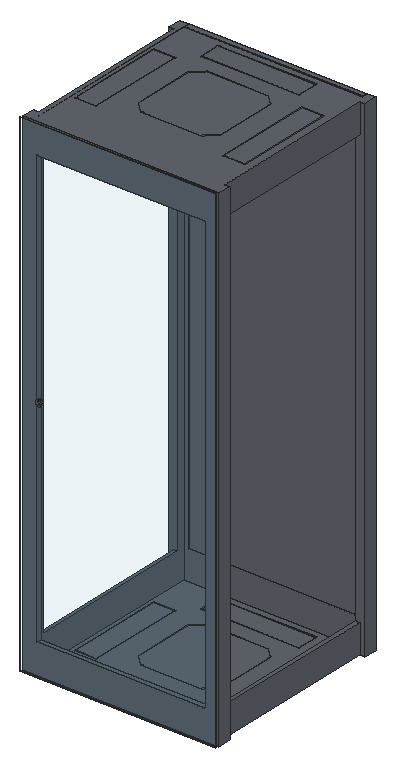
Revit family "Baies d'extension Linkeo", category Equipement spécialisé, Revit 2020
Family settings
  Cote de connecteur circulaire = Utiliser le diamètre
  Type d'élément = Normal
  Numéro OmniClass = 23.85.05.17.11.14
  Titre OmniClass = Multimedia Broadcasting Equipment
  Basée sur le plan de construction = Non
  Toujours verticalement = Oui
  Couper avec des vides une fois chargée = Non
  Partagée = Oui
  Point de calcul de pièce = Non
Parameters (values of type "Baie d'extension Linkeo2 42U 800x800")
  Verrouillage de la porte avant = "A un point"
  Type de montage = "Frontal"
  Type d'aération = "Aucune"
  Température de stockage = "-25°C à 70°C"
  Température de fonctionnement = "-25°C à 70°C"
  Référence Legrand = "646770"
  RAL = "7016"
  Profondeur du modèle = 800.00 mm
  Profondeur = 830.00 mm
  Passage utile en largeur (mm) = 690.00 mm
  Passage utile en hauteur (mm) = 1786.00 mm
  Nombre de portes = "1"
  Nombre d'unités en hauteur = 42
  Modèle de largeur = 800.00 mm
  Modèle = "Corps fixe"
  Matériau de la porte avant = Verre
  Matériau = "Acier"
  Lien e-catalogue = "https://www.legrand.fr/reference/646770/pro"
  Libellé BIM = "Baie Linkeo2 42U 800x800"
  Largeur (mm) = 810.00 mm
  Indice de protection IP = "IP20"
  Indice de protection IK = "IK08"
  Type de pieds de nivellement = "Pieds de nivellement  800X800"
  Type de montants horizontaux = "Montants horizontaux pour armoires Linkeo  42U profondeur 800"
  Type de montants verticaux = "Montants verticaux pour armoires Linkeo  42U"
  Symbole de porte = "Symbole de porte  Porte 800mm"
  Hauteur = 2026.00 mm
  Fonction = "Baie Linkeo2"
  Finition du rail profilé = "Recourbée"
  Finition de surface = "Poudré"
  Fabricant = "Legrand"  # constant formula
  Emplacement de rack = 93.00 mm
  Elévation par défaut = 0.00 mm
  EAN = "3414971001633"
  Distance ouverture 2 = 198.00 mm
  Distance ouverture 1 = 257.00 mm
  Dimension modulaire = "19 pouces"
  Couleur = gris
  Classe d'application = "EC002499"
  Capacité de charge max = "400"
  Avec tôle de toit = yes
  Avec porte frontale = yes
  Avec mise à la terre = yes
Reference planes
  plane 1 "Centre (avant/arrière)": y = 106
  plane 2: z = 0
  plane 3: x = -100
  plane 4: x = 700
  plane 5: z = 2026
  plane 6: y = -694
  plane 7: x = -45
  plane 8: x = 645
  plane 9: x = 300
  plane 10: z = 1906
  plane 11: z = 120
  plane 12: z = 1013
  plane 13: y = -692
  plane 14: x = 300
  plane 15: y = -444.5
  plane 16: y = 455.094
  plane 17: x = 1428.928
  plane 18: z = -485.313
  plane 19: x = 2466.566
  plane 20: z = 1013
  plane 21: x = 300
  plane 22: x = 500
  plane 23: x = 100
  plane 24: x = 300
  plane 25: y = -601
  plane 26: x = 525
  plane 27: y = -599.5
  plane 28: x = 556.5
  plane 29: x = 558
  plane 30: y = -560.5
  plane 31: y = -559
  plane 32: x = 534.5
  plane 33: x = 536
  plane 34: z = 80
  plane 35: z = 89.5
  plane 36: x = 528.5
  plane 37: x = 538
  plane 38: z = 111.75
  plane 39: z = 121.25
  plane 40: y = -742.5
  plane 41: y = -752
  plane 42: z = 105.38
  plane 43: z = 95.88
  plane 44: x = 77
  plane 45: x = 67.5
  plane 46: x = 66
  plane 47: z = 125
  plane 48: z = 1991
  plane 49: z = 1013
  plane 50: y = -694
  plane 51: y = 66
  plane 52: z = 35
  plane 53: y = -601
  plane 54 "Panneaux gauche": y = -597.5
  plane 55 "Panneaux droit": y = 62.5
  plane 56 "Panneaux haut": z = 1989
  plane 57: z = 1941
  plane 58: z = 1941
  plane 59: y = -267.5
  plane 60: x = 175
  plane 61: x = 425
  plane 62: y = 54
  plane 63: y = -36
  plane 64: x = 98
  plane 65: x = 502
  plane 66: x = 131
  plane 67: y = -344.658
  plane 68: x = 469
  plane 69: y = -6.658
  plane 70: x = 133.5
  plane 71: y = -9.158
  plane 72: y = -342.158
  plane 73: x = 466.5
  plane 74: y = -50.658
  plane 75: y = -300.158
  plane 76: through (150.891, -321.084, 1200) normal (-0.7071, -0.7071, 0)
  plane 77: through (440.304, -329.89, 1200) normal (-0.7071, 0.7071, 0)
  plane 78: through (446.349, -26.971, 1200) normal (-0.7071, -0.7071, 0)
  plane 79: through (445.75, -29.908, 1200) normal (-0.7071, -0.7071, 0)
  plane 80: through (150.227, -316.885, 1200) normal (-0.7071, -0.7071, 0)
  plane 81: through (445.5, -321.158, 1200) normal (-0.7071, 0.7071, 0)
  plane 82: x = 100.5
  plane 83: y = 91.5
  plane 84: y = 7.5
  plane 85: x = 499.5
  plane 86: x = 131
  plane 87: y = -437
  plane 88: x = 469
  plane 89: y = -99
  plane 90: x = 133.5
  plane 91: y = -101.5
  plane 92: y = -434.5
  plane 93: x = 466.5
  plane 94: y = -143
  plane 95: y = -392.5
  plane 96: through (150.891, -413.426, 577) normal (-0.7071, -0.7071, 0)
  plane 97: through (440.304, -422.232, 577) normal (-0.7071, 0.7071, 0)
  plane 98: through (446.349, -119.313, 577) normal (-0.7071, -0.7071, 0)
  plane 99: through (445.75, -122.25, 577) normal (-0.7071, -0.7071, 0)
  plane 100: through (150.227, -409.227, 577) normal (-0.7071, -0.7071, 0)
  plane 101: through (445.5, -413.5, 577) normal (-0.7071, 0.7071, 0)
  plane 102: x = -49
  plane 103: x = 41
  plane 104: y = -92
  plane 105: y = -496
  plane 106: y = -94.5
  plane 107: x = -46.5
  plane 108: x = 559
  plane 109: x = 649
  plane 110: through (113.028, -163.472, 1200) normal (-0.7071, 0.7071, 0)
  plane 111: through (194.144, -78.82, 1200) normal (0.7071, -0.7071, 0)
  plane 112: through (113.028, -71.13, 1823) normal (-0.7071, 0.7071, 0)
  plane 113: through (194.144, 13.522, 1823) normal (0.7071, -0.7071, 0)
  plane 114: x = 175.5
  plane 115: through (175.5, -434.5, 1200) normal (-0.7071, -0.7071, 0)
  plane 116: x = 424.5
  plane 117: through (424.5, -434.5, 1200) normal (-0.7071, 0.7071, 0)
  plane 118: through (133.5, -143, 1200) normal (-0.7071, 0.7071, 0)
  plane 119: through (425, -101.5, 1200) normal (0.7071, 0.7071, 0)
  plane 120: x = 175.5
  plane 121: through (175.5, -342.158, 1823) normal (-0.7071, -0.7071, 0)
  plane 122: x = 424.5
  plane 123: through (424.5, -342.158, 1823) normal (-0.7071, 0.7071, 0)
  plane 124: through (133.5, -50.658, 1823) normal (-0.7071, 0.7071, 0)
  plane 125: through (425, -9.158, 1823) normal (0.7071, 0.7071, 0)
  plane 126: y = -601
  plane 127: z = 124.45
  plane 128: x = 42
  plane 129: y = -493.5
  plane 130: x = 100.5
  plane 131: x = 100.5
  plane 132: x = 100.5
  plane 133: x = 561.5
  plane 134: z = 1958
  plane 135: y = -294
  plane 136: y = 84.5
  plane 137: y = -672.5
  plane 138: x = 41
  plane 139: x = 559
  plane 140: x = 300
  plane 141: z = 4159
  plane 142: z = 1958
  plane 143: y = -694
  plane 144: z = 72
  plane 145: z = 1954
  plane 146: y = 82.5
  plane 147: y = -670.5
  plane 148: x = 38.5
  plane 149: x = 646.5
  plane 150: x = 678.5
  plane 151: x = -78.5
  plane 152: z = 1906
  plane 153: z = 120
  plane 154: z = 1013
  plane 155: y = -294
  plane 156: y = 51
  plane 157: y = -639
  plane 158: x = -63.5
  plane 159: x = 663.5
  plane 160: y = 84.5
  plane 161: y = -294
  plane 162: y = -709
  plane 163: y = -704
  plane 164: y = -294
Forms (mm)
  Extrusion 1, solid, material "gris" <- "Couleur"
    sketch origin (-100, 0, 0) x (0, 1, 0) y (0, 0, 1)
      loop
        line (-694, 0) -> (106, 0) -> (106, 2026) -> (-694, 2026) -> (-694, 0)
    from 0 to 800
  Extrusion 2, void
    sketch origin (-250, 82.5, 1200) x (1, 0, 0) y (0, 0, 1)
      loop
        line (185, 824) -> (185, -1198) -> (915, -1198) -> (915, 824) -> (185, 824)
    from 0 to 753
  Extrusion 3, void
    sketch origin (0, 106, 0) x (1, 0, 0) y (0, 0, 1)
      loop
        line (-45, 1906) -> (-45, 120) -> (645, 120) -> (645, 1906) -> (-45, 1906)
    from 0 to 800
  Extrusion 4, solid, material "gris"
    sketch origin (-658.117, -709, 541.471) x (1, 0, 0) y (0, 0, 1)
      loop
        circle (638.746, 471.529) r 12
    from 0 to 5
  Extrusion 5, void
    sketch origin (-657.497, -714, 541.306) x (-1, 0, 0) y (0, 0, 1)
      loop
        line (-631.856, 476.03) -> (-633.789, 477.963) -> (-644.395, 467.357) -> (-642.463, 465.424) -> (-631.856, 476.03)
    from 0 to 2
  Extrusion 6, solid, material "gris", not visible
    sketch origin (50.552, -709, -159.029) x (1, 0, 0) y (0, 0, 1)
      loop
        circle (638.746, 471.529) r 12
    from 0 to 5
  Extrusion 7, void, not visible
    sketch origin (51.172, -714, -159.194) x (-1, 0, 0) y (0, 0, 1)
      loop
        line (-631.856, 476.03) -> (-633.789, 477.963) -> (-644.395, 467.357) -> (-642.463, 465.424) -> (-631.856, 476.03)
    from 0 to 2
  Extrusion 8, solid, material "gris" <- "Couleur", not visible
    sketch origin (621, -865.746, -189.529) x (0, 1, 0) y (0, 0, 1)
      loop
        circle (638.746, 471.529) r 12
    from 0 to 4
  Extrusion 9, void, not visible
    sketch origin (625, -865.126, -189.694) x (0, -1, 0) y (0, 0, 1)
      loop
        line (-631.856, 476.03) -> (-633.789, 477.963) -> (-644.395, 467.357) -> (-642.463, 465.424) -> (-631.856, 476.03)
    from 0 to 2
  Extrusion 10, void
    sketch origin (0, -23, 0) x (1, 0, 0) y (0, 1, 0)
      loop
        line (131, -118.964) -> (131, -370.536) -> (174.464, -414) -> (425.536, -414) -> (469, -370.536) -> (469, -118.964) -> (426.036, -76) -> (173.964, -76) -> (131, -118.964)
    from 2026 to 0
  Extrusion 11, void
    sketch origin (-100, -694, 0) x (0, -1, 0) y (1, 0, 0)
      loop
        line (-658, 198) -> (-658, 602) -> (-748, 602) -> (-748, 198) -> (-658, 198)
    from 0 to 2026
  Extrusion 12, solid, material "gris" <- "Couleur"
    sketch origin (698, 106, 2026) x (-1, 0, 0) y (0, -1, 0)
      loop
        line (597.5, 56) -> (597.5, 138.5) -> (198.5, 138.5) -> (198.5, 56) -> (597.5, 56)
    from 0 to -2
  Extrusion 13, solid, material "gris" <- "Couleur", not visible
    sketch origin (698, 146, 625) x (-1, 0, 0) y (0, -1, 0)
      loop
        line (597.5, 56) -> (597.5, 138.5) -> (198.5, 138.5) -> (198.5, 56) -> (597.5, 56)
    from 0 to -2
  Extrusion 14, solid, material "gris" <- "Couleur"
    sketch origin (698, 106, 2) x (-1, 0, 0) y (0, -1, 0)
      loop
        line (597.5, 56) -> (597.5, 138.5) -> (198.5, 138.5) -> (198.5, 56) -> (597.5, 56)
    from 0 to -2
  Extrusion 15, void
    sketch origin (0, 0, 0) x (0, 1, 0) y (1, 0, 0)
      loop
        line (-92, -49) -> (-92, 41) -> (-496, 41) -> (-496, -49) -> (-92, -49)
      loop
        line (-92, 559) -> (-92, 649) -> (-496, 649) -> (-496, 559) -> (-92, 559)
    from 0 to -2026
  Extrusion 16, solid, material "gris" <- "Couleur"
    sketch origin (-100, -454, 0) x (1, 0, 0) y (0, -1, 0)
      loop
        line (233.5, -311) -> (275, -352.5) -> (525, -352.5) -> (566.5, -311) -> (566.5, -61.5) -> (524.5, -19.5) -> (275.5, -19.5) -> (233.5, -61.5) -> (233.5, -311)
    from 0 to -2
  Extrusion 17, solid, material "gris" <- "Couleur"
    sketch origin (-100, 106, 2026) x (0, -1, 0) y (1, 0, 0)
      loop
        line (207.5, 275) -> (249, 233.5) -> (498.5, 233.5) -> (540.5, 275.5) -> (540.5, 524.5) -> (498.5, 566.5) -> (249, 566.5) -> (207.5, 525) -> (207.5, 275)
    from -2 to 0
  Extrusion 18, void
    sketch origin (0, 106, 0) x (1, 0, 0) y (0, 0, 1)
      loop
        line (649, 1954) -> (-49, 1954) -> (-49, 72) -> (649, 72) -> (649, 1954)
    from 2 to 0
  Extrusion 19, solid, material "gris" <- "Couleur"
    sketch origin (938.746, 106, 1467.471) x (-1, 0, 0) y (0, 0, 1)
      loop
        circle (638.746, 471.529) r 12
    from 0 to 4
  Extrusion 20, void
    sketch origin (938.126, 110, 1467.306) x (1, 0, 0) y (0, 0, 1)
      loop
        line (-631.856, 476.03) -> (-633.789, 477.963) -> (-644.395, 467.357) -> (-642.463, 465.424) -> (-631.856, 476.03)
    from 0 to 2
  Extrusion 21, solid, material "gris" <- "Couleur"
    sketch origin (-100, 106, 2026) x (0, -1, 0) y (1, 0, 0)
      loop
        line (599.5, 746.5) -> (200.5, 746.5) -> (200.5, 661.5) -> (599.5, 661.5) -> (599.5, 746.5)
    from 0 to -2
  Extrusion 22, solid, material "gris" <- "Couleur"
    sketch origin (-100, -694, 0) x (1, 0, 0) y (0, -1, 0)
      loop
        line (53.5, -599.5) -> (138.5, -599.5) -> (138.5, -200.5) -> (53.5, -200.5) -> (53.5, -599.5)
    from 0 to -2
  Extrusion 23, solid, material "gris" <- "Couleur"
    sketch origin (-100, -694, 0) x (1, 0, 0) y (0, -1, 0)
      loop
        line (746.5, -599.5) -> (746.5, -200.5) -> (661.5, -200.5) -> (661.5, -599.5) -> (746.5, -599.5)
    from 0 to -2
  Extrusion 24, void
    sketch origin (-100, 0, 0) x (0, 1, 0) y (0, 0, 1)
      loop
        line (51, 2026) -> (-639, 2026) -> (-639, 0) -> (51, 0) -> (51, 2026)
    from 0 to 21.5
  Extrusion 25, solid, material "gris" <- "Couleur"
    sketch origin (0, 106, 0) x (1, 0, 0) y (0, 0, 1)
      loop
        line (663.5, 2026) -> (-63.5, 2026) -> (-63.5, 0) -> (663.5, 0) -> (663.5, 2026)
    from 0 to 21.5
  Extrusion 26, solid, material "gris" <- "Couleur"
    sketch origin (-100, 106, 2026) x (0, -1, 0) y (1, 0, 0)
      loop
        line (200.5, 53.5) -> (599.5, 53.5) -> (599.5, 138.5) -> (200.5, 138.5) -> (200.5, 53.5)
    from 0 to -2
  Extrusion 27, void
    sketch origin (700, 0, 0) x (0, -1, 0) y (0, 0, 1)
      loop
        line (639, 2026) -> (-51, 2026) -> (-51, 0) -> (639, 0) -> (639, 2026)
    from 0 to 21.5
  Extrusion 28, void
    sketch origin (-100, 0, 0) x (0, 1, 0) y (0, 0, 1)
      loop
        line (51, 1906) -> (-639, 1906) -> (-639, 120) -> (51, 120) -> (51, 1906)
    from 0 to 800
  Extrusion 29, void
    sketch origin (-100, 106, 2026) x (1, 0, 0) y (0, -1, 0)
      loop
        line (36.5, 21.5) -> (36.5, 0) -> (763.5, 0) -> (763.5, 21.5) -> (36.5, 21.5)
    from 0 to 2026
  Extrusion 30, solid, material "Verre" <- "Matériau de la porte avant"
    sketch origin (-100, 106, 2026) x (0, -1, 0) y (1, 0, 0)
      loop
        line (815, 0) -> (815, 800) -> (810, 800) -> (810, 0) -> (815, 0)
    from -2026 to 4
Cuts and joins
  Extrusion 2, Extrusion 3, Extrusion 10, Extrusion 11, Extrusion 15, Extrusion 18, Extrusion 24, Extrusion 27, Extrusion 28, Extrusion 29 cuts Extrusion 1
  Extrusion 5 cuts Extrusion 4
  Extrusion 20 cuts Extrusion 19
Lines and regions (mm)
  model lines, not visible
    curve 1: line (488, 106, 1013) -> (512, 106, 1013)
    curve 2: line (661, -215, 282) -> (661, -227, 282)
    curve 3: line (-139, -227, 282) -> (-139, -227, 270)
    curve 4: line (288, 146, 1939) -> (300, 146, 1939)
    curve 5: line (300, -654, 1939) -> (300, -654, 1927)
    curve 7: line (-139, -627, 270) -> (-124, -627, 270)
  model lines
    curve 6: line (700, -654, 1927) -> (700, -639, 1927)
Dimensions and locks
  "Modèle de largeur": plane 4 to plane 3
  "Hauteur": plane 5 to level
  "Profondeur du modèle": plane 6 to plane 1 "Centre (avant/arrière)"
  locked: plane 7 to plane 8 at 690
  equal spacing: plane 7, plane 9, plane 8
  equal spacing: plane 4, plane 9, plane 3
  equal spacing: plane 5, plane 12, level
  equal spacing: plane 10, plane 12, plane 11
  "Passage utile en hauteur (mm)": plane 10 to plane 11
  Extrusion 2 sketch curve to plane 3 = 35.00 mm
  Extrusion 2 sketch curve to plane 4 = 35.00 mm
  locked: Extrusion 2 sketch curve to level at 2
  locked: plane 5 to Extrusion 2 sketch curve at 2
  locked: plane 6 to plane 13 at 2
  cut or joined group 1 (Extrusion 1, Extrusion 2, Extrusion 3, Extrusion 10, Extrusion 11, Extrusion 15, Extrusion 18, Extrusion 24, Extrusion 27, Extrusion 28, Extrusion 29) to plane 1 "Centre (avant/arrière)" = 23.50 mm
  equal spacing: plane 3, plane 14, plane 4
  equal spacing: plane 23, plane 24, plane 22
  "Emplacement de rack": plane 25 to plane 6
  locked: plane 27 to plane 25 at 1.5
  locked: plane 28 to plane 29 at 1.5
  locked: plane 30 to plane 31 at 1.5
  locked: plane 32 to plane 33 at 1.5
  plane 29 to cut or joined group 1 = 107.00 mm
  locked: plane 26 to plane 28 at 31.5
  locked: plane 31 to plane 25 at 42
  locked: plane 32 to plane 29 at 23.5
  locked: plane 34 to level at 80
  locked: plane 35 to plane 34 at 9.5
  locked: plane 36 to plane 37 at 9.5
  locked: plane 26 to plane 36 at 3.5
  locked: plane 39 to plane 38 at 9.5
  locked: plane 38 to plane 34 at 31.75
  plane 41 to plane 40 = 9.50 mm
  locked: plane 42 to plane 43 at 9.5
  plane 43 to plane 35 = 6.38 mm
  locked: plane 45 to plane 46 at 1.5
  locked: plane 47 to plane 11 at 5
  plane 5 to plane 48 to plane 10 = 35.00 mm, 85.00 mm
  locked: plane 51 to plane 1 "Centre (avant/arrière)" at 40
  locked: plane 52 to level at 35
  locked: plane 48 to plane 5 at 35
  locked: plane 25 to plane 54 "Panneaux gauche" at 3.5
  locked: plane 55 "Panneaux droit" to plane 51 at 3.5
  locked: plane 56 "Panneaux haut" to plane 48 at 2
  plane 57 to plane 5 = 85.00 mm
  locked: plane 5 to plane 58 at 85
  plane 54 "Panneaux gauche" to plane 55 "Panneaux droit" = 660.00 mm
  equal spacing: plane 54 "Panneaux gauche", plane 59, plane 55 "Panneaux droit"
  locked: plane 64 to plane 65 at 404
  "Distance ouverture 2": plane 1 "Centre (avant/arrière)" to plane 104
  locked: plane 104 to plane 105 at 404
  locked: plane 102 to plane 103 at 90
  locked: plane 104 to plane 106 at 2.5
  locked: plane 102 to plane 107 at 2.5
  locked: plane 3 to plane 102 at 51
  locked: plane 108 to plane 109 at 90
  plane 109 to plane 4 = 51.00 mm
  "Distance ouverture 1": plane 50 to plane 87
  locked: plane 127 to plane 34 at 44.45
  equal spacing: plane 128, plane 24, plane 29
  locked: plane 128 to plane 29 at 516
  plane 1 "Centre (avant/arrière)" to plane 62 = 52.00 mm
  cut or joined group 1 to plane 63 = 90.00 mm
  plane 129 to plane 105 = 2.50 mm
  plane 5 to plane 134 = 68.00 mm
  equal spacing: plane 136, plane 135, plane 137
  equal spacing: plane 1 "Centre (avant/arrière)", plane 135, plane 6
  equal spacing: plane 138, plane 140, plane 139, locked at 259 each
  plane 141 to plane 20 = 3146.00 mm
  equal spacing: Extrusion 24 sketch curve, plane 135, Extrusion 24 sketch curve
  "Passage utile en largeur (mm)": Extrusion 24 sketch curve to Extrusion 24 sketch curve
  locked: plane 144 to level at 72
  plane 5 to plane 145 = 72.00 mm
  locked: plane 1 "Centre (avant/arrière)" to plane 146 at 23.5
  locked: plane 50 to plane 147 at 23.5
  locked: plane 148 to plane 103 at 2.5
  locked: plane 149 to plane 109 at 2.5
  locked: plane 150 to plane 4 at 21.5
  locked: plane 3 to plane 151 at 21.5
  equal spacing: plane 152, plane 154, plane 153
  "Passage utile en hauteur (mm)": plane 152 to plane 153
  equal spacing: plane 156, plane 155, plane 157
  "Passage utile en largeur (mm)": plane 156 to plane 157
  locked: plane 3 to plane 158 at 36.5
  locked: plane 159 to plane 4 at 36.5
  locked: plane 1 "Centre (avant/arrière)" to plane 160 at 21.5
  equal spacing: plane 1 "Centre (avant/arrière)", plane 161, plane 143
  locked: plane 163 to plane 162 at 5
  locked: plane 163 to plane 50 at 10
  cut or joined group of Extrusion 4, Extrusion 5 to Extrusion 30 = 5.00 mm
  equal spacing: plane 50, plane 164, plane 1 "Centre (avant/arrière)"
  locked: curve 6 to plane 5 at 99
  aligned and locked: level to plane 2
  aligned and locked: Extrusion 1 sketch curve to level
  aligned and locked: Extrusion 1 sketch curve to plane 6
  aligned and locked: plane 5 to Extrusion 1 sketch curve
  aligned and locked: Extrusion 1 sketch curve to plane 1 "Centre (avant/arrière)"
  aligned and locked: Extrusion 1 to plane 4
  aligned and locked: Extrusion 1 to plane 3
  aligned and locked: Extrusion 3 sketch curve to plane 10
  aligned and locked: Extrusion 3 sketch curve to plane 7
  aligned and locked: plane 11 to Extrusion 3 sketch curve
  aligned and locked: Extrusion 3 sketch curve to plane 8
  aligned and locked: Extrusion 1 to Extrusion 3  (x2)
  aligned and locked: plane 24 to plane 9
  aligned and locked: plane 20 to plane 12
  aligned and locked: plane 49 to Extrusion 4
  aligned and locked: plane 49 to plane 20
  aligned and locked: plane 6 to plane 50
  aligned and locked: Extrusion 11 sketch curve to plane 64
  aligned and locked: plane 65 to Extrusion 11 sketch curve
  aligned and locked: Extrusion 12 to cut or joined group 1
  aligned and locked: Extrusion 1 to Extrusion 11
  aligned and locked: plane 104 to Extrusion 15 sketch curve  (x2)
  aligned and locked: Extrusion 15 sketch curve to plane 102
  aligned and locked: Extrusion 15 sketch curve to plane 105  (x2)
  aligned and locked: plane 103 to Extrusion 15 sketch curve
  aligned and locked: plane 5 to Extrusion 15
  aligned and locked: Extrusion 10 sketch curve to plane 86
  aligned and locked: Extrusion 10 sketch curve to plane 111
  aligned and locked: Extrusion 10 sketch curve to plane 89
  aligned and locked: Extrusion 10 sketch curve to plane 98
  aligned and locked: Extrusion 10 sketch curve to plane 88
  aligned and locked: Extrusion 10 sketch curve to plane 97
  aligned and locked: Extrusion 10 sketch curve to plane 87
  aligned and locked: Extrusion 10 sketch curve to plane 96
  aligned and locked: Extrusion 16 sketch curve to plane 110
  aligned and locked: Extrusion 16 sketch curve to plane 91
  aligned and locked: Extrusion 16 sketch curve to plane 99
  aligned and locked: Extrusion 16 sketch curve to plane 93
  aligned and locked: Extrusion 16 sketch curve to plane 101
  aligned and locked: Extrusion 16 sketch curve to plane 92
  aligned and locked: Extrusion 16 sketch curve to plane 100
  aligned and locked: Extrusion 16 sketch curve to plane 90
  aligned and locked: Extrusion 17 sketch curve to Extrusion 16  (x8)
  aligned and locked: Extrusion 17 to cut or joined group 1
  aligned and locked: plane 5 to Extrusion 17
  aligned and locked: Extrusion 16 to level
  aligned and locked: plane 109 to Extrusion 18 sketch curve
  aligned and locked: plane 102 to Extrusion 18 sketch curve
  aligned and locked: Extrusion 18 to Extrusion 1
  aligned and locked: plane 126 to plane 25
  aligned and locked: Extrusion 15 sketch curve to plane 108
  aligned and locked: plane 109 to Extrusion 15 sketch curve
  aligned and locked: Extrusion 11 sketch curve to plane 62
  aligned and locked: Extrusion 11 sketch curve to plane 63
  aligned and locked: Extrusion 12 to plane 130
  aligned and locked: Extrusion 13 to plane 131
  aligned and locked: Extrusion 14 to plane 132
  aligned and locked: Extrusion 1 to Extrusion 10
  aligned and locked: Extrusion 21 sketch curve to plane 106
  aligned and locked: Extrusion 21 sketch curve to plane 133
  aligned and locked: Extrusion 21 sketch curve to plane 129
  aligned and locked: Extrusion 21 to cut or joined group 1
  aligned and locked: plane 5 to Extrusion 21
  aligned and locked: Extrusion 22 to cut or joined group 1
  aligned and locked: Extrusion 23 sketch curve to Extrusion 21  (x2)
  aligned and locked: Extrusion 21 to Extrusion 23 sketch curve
  aligned and locked: Extrusion 23 to cut or joined group 1
  aligned and locked: plane 140 to plane 14
  aligned and locked: plane 142 to plane 134
  aligned and locked: plane 145 to Extrusion 18 sketch curve
  aligned and locked: Extrusion 18 sketch curve to plane 144
  aligned and locked: plane 146 to Extrusion 2
  aligned and locked: Extrusion 2 to plane 147
  aligned and locked: Extrusion 22 sketch curve to plane 106
  aligned and locked: Extrusion 22 sketch curve to plane 107
  aligned and locked: Extrusion 26 sketch curve to Extrusion 22  (x2)
  aligned and locked: plane 129 to Extrusion 22 sketch curve
  aligned and locked: plane 129 to Extrusion 26 sketch curve
  aligned and locked: Extrusion 26 to cut or joined group 1
  aligned and locked: Extrusion 26 sketch curve to plane 148
  aligned and locked: Extrusion 22 sketch curve to plane 148
  aligned and locked: Extrusion 23 sketch curve to plane 149
  aligned and locked: Extrusion 21 sketch curve to plane 149
  aligned and locked: plane 5 to Extrusion 24 sketch curve
  aligned and locked: Extrusion 24 sketch curve to level
  aligned and locked: Extrusion 27 sketch curve to cut or joined group 1  (x2)
  aligned and locked: plane 12 to plane 154
  aligned and locked: Extrusion 28 sketch curve to plane 11
  aligned and locked: Extrusion 28 sketch curve to plane 157
  aligned and locked: plane 156 to Extrusion 28 sketch curve
  aligned and locked: plane 10 to Extrusion 28 sketch curve
  aligned and locked: Extrusion 28 to plane 4
  aligned and locked: plane 160 to Extrusion 29 sketch curve
  aligned and locked: plane 158 to Extrusion 29 sketch curve
  aligned and locked: plane 1 "Centre (avant/arrière)" to Extrusion 29 sketch curve
  aligned and locked: Extrusion 29 sketch curve to plane 159
  aligned and locked: Extrusion 1 to Extrusion 29
  aligned and locked: plane 5 to Extrusion 25 sketch curve
  aligned and locked: Extrusion 25 sketch curve to level
  aligned and locked: Extrusion 25 sketch curve to cut or joined group 1  (x2)
  aligned and locked: Extrusion 25 to cut or joined group 1
  aligned and locked: plane 135 to plane 155
  aligned and locked: Extrusion 30 sketch curve to plane 162
  aligned and locked: Extrusion 30 sketch curve to plane 3
  aligned and locked: Extrusion 30 sketch curve to plane 163
  aligned and locked: Extrusion 30 sketch curve to plane 4
  aligned and locked: cut or joined group 1 to Extrusion 30
  aligned and locked: Extrusion 4 to Extrusion 30
Automatic sketch dimensions
  Extrusion 5 sketch curve to Extrusion 5 sketch curve = 1.933 mm  (x2)
  Extrusion 5 sketch curve to Extrusion 5 sketch curve = 10.607 mm
  Extrusion 7 sketch curve to Extrusion 7 sketch curve = 1.933 mm  (x2)
  Extrusion 7 sketch curve to Extrusion 7 sketch curve = 10.607 mm
  Extrusion 9 sketch curve to Extrusion 9 sketch curve = 1.933 mm  (x2)
  Extrusion 9 sketch curve to Extrusion 9 sketch curve = 10.607 mm
  curve 3 to curve 3 = 12.00 mm
  Extrusion 20 sketch curve to Extrusion 20 sketch curve = 1.933 mm  (x2)
  Extrusion 20 sketch curve to Extrusion 20 sketch curve = 10.607 mm
  curve 5 to curve 5 = 12.00 mm
  curve 1 to plane 12 = 0.00 mm
  curve 1 to plane 85 = 11.50 mm
  plane 65 to curve 1 = 10.00 mm
  Extrusion 14 sketch curve to Extrusion 14 sketch curve = 399.00 mm
  Extrusion 14 sketch curve to Extrusion 14 sketch curve = 82.50 mm
  Extrusion 12 sketch curve to Extrusion 12 sketch curve = 399.00 mm
  Extrusion 12 sketch curve to Extrusion 12 sketch curve = 82.50 mm
  Extrusion 13 sketch curve to Extrusion 13 sketch curve = 399.00 mm
  Extrusion 13 sketch curve to Extrusion 13 sketch curve = 82.50 mm
  curve 6 to curve 6 = 15.00 mm
  curve 7 to curve 7 = 15.00 mm
  Extrusion 27 sketch curve to Extrusion 1 = 0.00 mm
  Extrusion 1 to Extrusion 27 sketch curve = 0.00 mm
  radius of Extrusion 4 sketch curve = 12.00 mm
  radius of Extrusion 6 sketch curve = 12.00 mm
  radius of Extrusion 8 sketch curve = 12.00 mm
  radius of Extrusion 19 sketch curve = 12.00 mm
